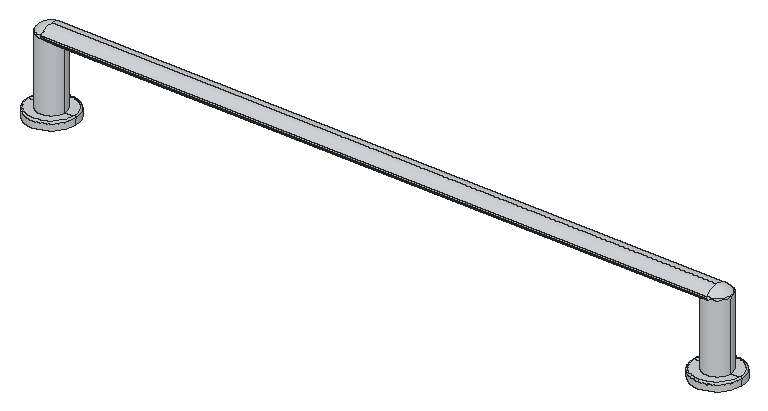
Revit family "Accessory-Towel_Bar-KOHLER-Kumin-K-97882", category Specialty Equipment, host Face, Revit 2017
Family settings
  Host = Face
  Round Connector Dimension = Use Diameter
  Part Type = Normal
  OmniClass Number = 23.31.25.00
  OmniClass Title = Toilet and Bath Specialties
  Cut with Voids When Loaded = No
  Shared = No
  Room Calculation Point = No
Parameters (values of type "CP-Polshed Chrome")
  Width = 25 3/4"  # constant formula
  WaterSense Certified = 1 = 0  # no
  URL = "https://www.us.kohler.com/us/"
  Type = 1
  Product Page URL = "http://www.us.kohler.com/us/catalog/productDetails.jsp?productNumber=97882"
  Product Name = "Kumin"  # constant formula
  Product Documentation Link = "https://www.us.kohler.com/webassets/kpna/catalog/pdf/en/K-97882_spec.pdf"
  Model = if(Type = 1, "K-97882-CP", if(Type = 2, "K-97882-BN", if(Type = 3, "K-97882-BL", "NA")))  # "K-97882-CP"
  Material = "Premium Metal Construction"  # constant formula
  Master Format 2014 Name = "Toilet, Bath, and Laundry Accessories"  # constant formula
  Master Format 2014 = "10 28 00"  # constant formula
  Manufacturer Address = "444 Highland Dr, Kohler, WI 53044"  # constant formula
  Manufacturer = "KOHLER Co."  # constant formula
  Length = 3"  # constant formula
  Height = 1 13/16"  # constant formula
  Finish = Kohler-Metal-CP-Polished_Chrome
  Environmental Product Declaration = ""
  Description = "24inch towel bar"  # constant formula
  Default Elevation = 42"
  Declare Label = ""
  Date Modified = "03/23/2020"  # constant formula
  Date Created = "03/23/2020"  # constant formula
  Copyright = "Copyright KOHLER Co."  # constant formula
  Contact Us = "https://www.us.kohler.com/us/static/contact.jsp"
  Assembly Code = "C1030200"
  ADA Compliant = 1 = 0  # no
Types (4): name | Type | Model | Finish
  (no name) | 1 | "K-97882-CP" | Kohler-Metal-CP-Polished_Chrome
  CP-Polshed Chrome | 1 | "K-97882-CP" | Kohler-Metal-CP-Polished_Chrome
  BN-Vibrant Brushed Nickel | 2 | "K-97882-BN" | Kohler-Metal-BN-Vibrant_Brushed_Nickel
  BL-Matte Black | 3 | "K-97882-BL" | Kohler-Metal-BL-Matte_Black
Reference planes (in)
  plane 1 "Center (Front/Back)": y = 0
  plane 2: z = 0
  plane 3 "Center (Left/Right)": x = 0
  plane 4: x = -12.875
  plane 5: x = -12
  plane 6: x = 12.875
  plane 7: x = 12
  plane 8: y = 0.90625
  plane 9: y = -0.90625
  plane 10: x = 11.09375
  plane 11: x = -11.09375
  plane 12: z = 3
Dimensions and locks (in)
  plane 5 to plane 7 = 24"
  "Width": plane 4 to plane 6
  plane 8 to plane 9 = 1 13/16"
  plane 7 to plane 5 = 24"
  plane 6 to plane 4 = 25 3/4"
  plane 11 to plane 4 = 1 25/32"
  "Height": plane 8 to plane 9
  "Length": plane 12 to level
  aligned and locked: plane 2 to host face
  aligned and locked: level to host face
  aligned and locked: plane 1 "Center (Front/Back)" to nested 1
Automatic sketch dimensions
  host sketch curve to host sketch curve = 96"  (x2)
Nested families (in)
  nested 1: "K-97882" at (0, 0, 0), type "K-97882"
Definition of nested family "K-97882"
  Parameters (values of type "K-97882")
    Material = none
  Reference planes (in)
    plane 1 "Center (Front/Back)": y = 0
    plane 2: z = 0
    plane 3 "Center (Left/Right)": x = 0
    plane 4: x = -12
    plane 5: x = 12
    plane 6: y = 0.90625
    plane 7: y = -0.90625
    plane 8: z = 3
    plane 9: x = 12.875
    plane 10: x = 11.09375
    plane 11: x = -11.09375
    plane 12: x = -12.875
    plane 13: z = 2.73393
    plane 14: z = 0.20317
    plane 15: x = 10.75984
  Forms (in)
    Revolve 1, solid, material <- "Material", detail levels medium+fine
      sketch origin (0, 0, 0) x (1, 0, 0) y (0, 0, 1)
        loop
          line (-12.875, 0) -> (-12, 0) -> (-12, 2.73535) -> (-12.49235, 2.73535) -> (-12.49235, 0.27559) -> (-12.82669, 0.27559)
          arc (-12.82669, 0.27559) -> (-12.86085, 0.26144) -> (-12.875, 0.22728) r 0.04831
          line (-12.875, 0.22728) -> (-12.875, 0)
        axis (-12, 0) -> (-12, 2.73535)
      angle from 0 to 360
    Revolve 2, solid, material <- "Material", detail levels medium+fine
      sketch origin (0, 0, 0) x (-1, 0, 0) y (0, 0, 1)
        loop
          line (12, 2.73535) -> (12.49235, 2.73535)
          arc (12.49235, 2.73535) -> (12.4887, 2.75525) -> (12.47871, 2.77285) r 0.06054
          arc (12.47871, 2.77285) -> (12.26493, 2.94033) -> (12, 3) r 0.61799
          line (12, 3) -> (12, 2.73535)
        axis (12, 2.73535) -> (12, 3)
      angle from 450 to 270
    Extrusion 3, solid, material <- "Material", detail levels medium+fine
      sketch origin (0, 0, 0) x (0, 1, 0) y (0, 0, 1)
        loop
          arc (-0.47871, 2.77285) -> (-0.4887, 2.75525) -> (-0.49235, 2.73535) r 0.06054
          arc (-0.49235, 2.73535) -> (-0.48896, 2.71535) -> (-0.47871, 2.69785) r 0.05634
          arc (-0.47871, 2.69785) -> (-0.26338, 2.53365) -> (0, 2.4707) r 0.65428
          arc (0, 2.4707) -> (0.26338, 2.53365) -> (0.47871, 2.69785) r 0.65428
          arc (0.47871, 2.69785) -> (0.48896, 2.71535) -> (0.49235, 2.73535) r 0.05634
          arc (0.49235, 2.73535) -> (0.4887, 2.75525) -> (0.47871, 2.77285) r 0.06054
          arc (0.47871, 2.77285) -> (0.26493, 2.94033) -> (0, 3) r 0.61799
          arc (0, 3) -> (-0.26493, 2.94033) -> (-0.47871, 2.77285) r 0.61799
      from -12 to 12
    Revolve 4, solid, material <- "Material", detail levels medium+fine
      sketch origin (0, 0, 0) x (-1, 0, 0) y (0, 0, 1)
        loop
          line (-12.875, 0) -> (-12, 0) -> (-12, 2.73535) -> (-12.49235, 2.73535) -> (-12.49235, 0.27559) -> (-12.82669, 0.27559)
          arc (-12.82669, 0.27559) -> (-12.86085, 0.26144) -> (-12.875, 0.22728) r 0.04831
          line (-12.875, 0.22728) -> (-12.875, 0)
        axis (-12, 0) -> (-12, 2.73535)
      angle from 0 to 360
    Revolve 5, solid, material <- "Material", detail levels medium+fine
      sketch origin (0, 0, 0) x (1, 0, 0) y (0, 0, 1)
        loop
          line (12, 2.73535) -> (12.49235, 2.73535)
          arc (12.49235, 2.73535) -> (12.4887, 2.75525) -> (12.47871, 2.77285) r 0.06054
          arc (12.47871, 2.77285) -> (12.26493, 2.94033) -> (12, 3) r 0.61799
          line (12, 3) -> (12, 2.73535)
        axis (12, 2.73535) -> (12, 3)
      angle from 450 to 270
    Revolve 6, solid, material <- "Material", detail levels coarse
      sketch origin (0, 0, 0) x (1, 0, 0) y (0, 0, 1)
        loop
          line (-12.875, 0) -> (-12, 0) -> (-12, 2.52559) -> (-12.49235, 2.52559) -> (-12.49235, 0.27559) -> (-12.875, 0.27559) -> (-12.875, 0)
        axis (-12, 2.52559) -> (-12, 0)
      angle from 0 to 360
    Revolve 7, solid, material <- "Material", detail levels coarse
      sketch origin (0, 0, 0) x (1, 0, 0) y (0, 0, 1)
        loop
          line (-12.49235, 3) -> (-12.49235, 2.49564) -> (12.49235, 2.49564) -> (12.49235, 3) -> (-12.49235, 3)
        axis (-12.49235, 2.49564) -> (12.49235, 2.49564)
      angle from 0 to 360
    Revolve 8, solid, material <- "Material", detail levels coarse
      sketch origin (0, 0, 0) x (-1, 0, 0) y (0, 0, 1)
        loop
          line (-12.875, 0) -> (-12, 0) -> (-12, 2.52559) -> (-12.49235, 2.52559) -> (-12.49235, 0.27559) -> (-12.875, 0.27559) -> (-12.875, 0)
        axis (-12, 2.52559) -> (-12, 0)
      angle from 0 to 360
  Cuts and joins
    joined: Revolve 1, Revolve 2, Extrusion 3, Revolve 5
    joined: Revolve 6, Revolve 7, Revolve 8
  Lines and regions (in)
    Masking region 1
      outline origin (0, 0, 0) x (0, 1, 0) y (0, 0, 1)
        loop
          line (0, 0) -> (0.90625, 0) -> (0.90625, 0.20317)
          arc (0.90625, 0.20317) -> (0.88504, 0.25438) -> (0.83383, 0.27559) r 0.07242
          line (0.83383, 0.27559) -> (0.49217, 0.27559) -> (0.49217, 2.73535)
          arc (0.49217, 2.73535) -> (0.4887, 2.75528) -> (0.47875, 2.77289) r 0.0595
          arc (0.47875, 2.77289) -> (0.26494, 2.94034) -> (0, 3) r 0.61816
          arc (0, 3) -> (-0.26494, 2.94034) -> (-0.47875, 2.77289) r 0.61816
          arc (-0.47875, 2.77289) -> (-0.4887, 2.75528) -> (-0.49217, 2.73535) r 0.0595
          line (-0.49217, 2.73535) -> (-0.49217, 0.27559) -> (-0.83383, 0.27559)
          arc (-0.83383, 0.27559) -> (-0.88504, 0.25438) -> (-0.90625, 0.20317) r 0.07242
          line (-0.90625, 0.20317) -> (-0.90625, 0) -> (0, 0)
    Masking region 2
      outline origin (0, 0, 0) x (1, 0, 0) y (0, 0, 1)
        loop
          line (12.875, 0) -> (12.875, 0.22633)
          arc (12.875, 0.22633) -> (12.86057, 0.26116) -> (12.82574, 0.27559) r 0.04926
          line (12.82574, 0.27559) -> (12.49235, 0.27559) -> (12.49235, 2.73535)
          arc (12.49235, 2.73535) -> (12.48863, 2.75529) -> (12.47859, 2.77291) r 0.06106
          arc (12.47859, 2.77291) -> (12.26487, 2.94035) -> (12, 3) r 0.61786
          line (12, 3) -> (-12, 3)
          arc (-12, 3) -> (-12.26487, 2.94035) -> (-12.47859, 2.77291) r 0.61786
          arc (-12.47859, 2.77291) -> (-12.48863, 2.75529) -> (-12.49235, 2.73535) r 0.06106
          line (-12.49235, 2.73535) -> (-12.49235, 0.27559) -> (-12.82574, 0.27559)
          arc (-12.82574, 0.27559) -> (-12.86057, 0.26116) -> (-12.875, 0.22633) r 0.04926
          line (-12.875, 0.22633) -> (-12.875, 0) -> (-11.09375, 0) -> (-11.09375, 0.22481)
          arc (-11.09375, 0.22481) -> (-11.10862, 0.26072) -> (-11.14453, 0.27559) r 0.05078
          line (-11.14453, 0.27559) -> (-11.50765, 0.27559) -> (-11.50765, 2.12114)
          arc (-11.50765, 2.12114) -> (-11.47228, 2.28439) -> (-11.37251, 2.41836) r 0.3944
          arc (-11.37251, 2.41836) -> (-11.30744, 2.45718) -> (-11.23289, 2.4707) r 0.2124
          line (-11.23289, 2.4707) -> (11.23289, 2.4707)
          arc (11.23289, 2.4707) -> (11.30744, 2.45718) -> (11.37251, 2.41836) r 0.2124
          arc (11.37251, 2.41836) -> (11.47228, 2.28439) -> (11.50765, 2.12114) r 0.3944
          line (11.50765, 2.12114) -> (11.50765, 0.27559) -> (11.14453, 0.27559)
          arc (11.14453, 0.27559) -> (11.10862, 0.26072) -> (11.09375, 0.22481) r 0.05078
          line (11.09375, 0.22481) -> (11.09375, 0) -> (12.875, 0)
    Masking region 3
      outline origin (0, 0, 0) x (1, 0, 0) y (0, 1, 0)
        loop
          line (11.20784, 0.49235) -> (-11.20784, 0.49235)
          arc (-11.20784, 0.49235) -> (-12.87494, 0) -> (-11.20784, -0.49235) r 0.90625
          line (-11.20784, -0.49235) -> (11.20784, -0.49235)
          arc (11.20784, -0.49235) -> (12.87494, 0) -> (11.20784, 0.49235) r 0.90625
    symbolic lines, detail levels medium+fine
      curve 1: line (0, 0.49235, 2.73376) -> (0, -0.49215, 2.73376)
      curve 2: line (0, 0.49217, 0.27559) -> (0, -0.49217, 0.27559)
      curve 3: line (0, 0.90625, 0.20317) -> (0, -0.90625, 0.20317)
      curve 4: line (-12.875, 0, 0.20317) -> (-11.09375, 0, 0.20317)
      curve 5: line (-12.49235, 0, 0.27559) -> (-11.50765, 0, 0.27559)
      curve 6: line (-12.49235, 0, 2.73376) -> (-12, 0, 2.73376)
      curve 7: arc (-12, 0, 2.73376) -> (-11.73706, 0, 2.63361) -> (-11.50765, 0, 2.4707) r 1.11253
      curve 8: arc (-11.50765, 0, 2.4707) -> (-11.46187, 0, 2.41945) -> (-11.42687, 0, 2.3603) r 0.35348
      curve 9: line (12.875, 0, 0.20317) -> (11.09375, 0, 0.20317)
      curve 10: line (12.49235, 0, 0.27559) -> (11.50765, 0, 0.27559)
      curve 11: line (12.49235, 0, 2.73376) -> (12, 0, 2.73376)
      curve 12: arc (12, 0, 2.73376) -> (11.73706, 0, 2.63361) -> (11.50765, 0, 2.4707) r 1.11253
      curve 13: arc (11.50765, 0, 2.4707) -> (11.46007, 0, 2.41697) -> (11.42432, 0, 2.35474) r 0.35348
      curve 14: line (-10.75984, 0, 3) -> (-10.75984, 0, 2.4707)
      curve 15: line (10.75984, 0, 3) -> (10.75984, 0, 2.4707)
      curve 16: line (10.75984, 0.49235, 0) -> (10.75984, -0.49235, 0)
      curve 17: line (-10.75984, 0.49235, 0) -> (-10.75984, -0.49235, 0)
      curve 18: line (-12, 0.49235, 0) -> (-11.20784, 0.49235, 0)
      curve 19: line (-12, -0.49235, 0) -> (-11.20402, -0.49235, 0)
      curve 20: arc (-12, -0.49235, 0) -> (-12.49235, 0, 0) -> (-12, 0.49235, 0) r 0.49235
      curve 21: line (12, -0.49235, 0) -> (11.20784, -0.49235, 0)
      curve 22: line (12, 0.49235, 0) -> (11.20784, 0.49235, 0)
      curve 23: arc (12, -0.49235, 0) -> (12.49235, 0, 0) -> (12, 0.49235, 0) r 0.49235
  Dimensions and locks (in)
    plane 4 to plane 3 "Center (Left/Right)" = 12"
    plane 8 to level = 3"
    plane 10 to plane 9 = 1 25/32"
    plane 3 "Center (Left/Right)" to plane 9 = 12 7/8"
    plane 12 to plane 9 = 25 3/4"
    plane 6 to plane 7 = 1 13/16"
    aligned and locked: plane 2 to level
